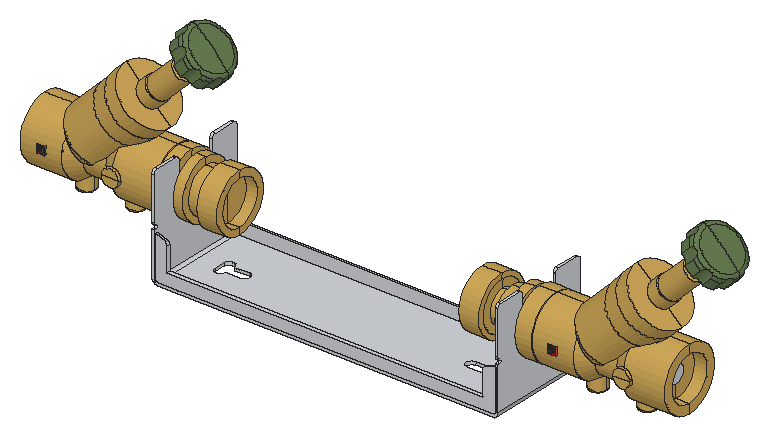
Revit family "Комплект для подключения счетчиков воды 4126", category Rohrzubehör, Revit 2020
Family settings
  Bemaßung runder Anschluss = Durchmesser verwenden
  Teiletyp = Unterbricht
  OmniClass-Nummer = 23.65.55.14
  OmniClass-Titel = Valves for Liquid Services
  Arbeitsebenenbasiert = Nein
  Immer vertikal = Ja
  Beim Laden mit Abzugskörper schneiden = Nein
  Gemeinsam genutzt = Nein
Parameters
  Шпиндель = "штампованная латунь CW 617N"  # constant formula
  Среда = "Питьевая вода"  # constant formula
  Примечание = "В соответствии со статьей 33 Регламента REACH (Registration; Evaluation; Authorisation; Restriction of Chemicals) (EC № 1907/2006) мы обязаны указать, что свинец внесен в список SVHC (Substances of Very High Concern - вещества очень высокой важности) и весовой процент свинца во всех латунных компонентах заводского изготовления в наших изделиях, превышает 0,1 % (w/w) (CAS: 7439-92-1 / EINECS: 231-100-4).\r\nПоскольку свинец является легирующим компонентом сплава, прямое негативное влияние исключается, и поэтому дополнительной информации о безопасном использовании не требуется."
  Область применения = "Для перекрытия трубопроводов системы питьевого водоснабжения и для установки водосчетчика."
  Номер заказа [instance] = size_lookup("4126W_", "Artnr", 0, Nennweite AG)  # 2412666
  Маховик = "пластик, цвет - зеленый"  # constant formula
  Макс. рабочее давление = 1600000.0 Pa  # constant formula
  Макс. рабочая температура = 80 °C  # constant formula
  Корпус = "литая латунь, устойчивая к селективной цинковой коррозии, CC770S"  # constant formula
  Давление открытия обратного клапана = "согласно DIN EN 13959"  # constant formula
  W01 = 20.00°  # constant formula
  Vorgabe-Ansicht = 0.000 mm
  URL = "www.herz-armaturen.ru"
  T03 [instance] = R02 - 3.000 mm  # 54.500 mm
  T02 = 17.000 mm  # constant formula
  T01 = 3.000 mm  # constant formula
  SW03 [instance] = size_lookup("4126W_", "SW3", 1.000 mm, Nennweite AG)  # 32.500 mm
  SW02 [instance] = size_lookup("4126W_", "SW2", 1.000 mm, Nennweite AG)  # 32.500 mm
  SW01 [instance] = size_lookup("4126W_", "SW1", 1.000 mm, Nennweite AG)  # 35.000 mm
  SC_NennweiteBerechnet = 0
  SC_Dimension = ""
  SCTWSEQ = "AW;SBT_TYP_AW=\"105\";2"
  SCTWCODE = "02;01;02"  # constant formula
  S05 [instance] = L02 + L12 - L03  # 214.500 mm
  S04 [instance] = L02 + L04 - L03  # 211.500 mm
  S03 = 10.000 mm  # constant formula
  S02 [instance] = Nennweite IG  # 50.000 mm
  S01 [instance] = L01 - L03  # 56.000 mm
  S = 3.000 mm  # constant formula
  R50 = 4.000 mm  # constant formula
  R02 [instance] = size_lookup("4126W_", "R2", 1.000 mm, Nennweite AG)  # 57.500 mm
  R01 [instance] = size_lookup("4126W_", "R1", 1.000 mm, Nennweite AG)  # 24.000 mm
  Nennweite IG [instance] = size_lookup("4126W_", "DN1", 1.000 mm, Nennweite AG)  # 50.000 mm
  Nennweite AG [instance] = 50.000 mm
  Макс. перепад давления на закрытом седле = 1000000.0 Pa  # constant formula
  L99 [instance] = size_lookup("4126W_", "L99", 1.000 mm, Nennweite AG)  # 300.000 mm
  L15 = 2.000 mm  # constant formula
  L14 [instance] = size_lookup("4126W_", "L14", 1.000 mm, Nennweite AG)  # 64.000 mm
  L13 [instance] = size_lookup("4126W_", "L13", 1.000 mm, Nennweite AG)  # 54.500 mm
  L12 [instance] = size_lookup("4126W_", "L12", 1.000 mm, Nennweite AG)  # 39.500 mm
  L11 [instance] = size_lookup("4126W_", "L11", 1.000 mm, Nennweite AG)  # 70.000 mm
  L10 [instance] = size_lookup("4126W_", "L10", 1.000 mm, Nennweite AG)  # 15.000 mm
  L09 [instance] = size_lookup("4126W_", "L9", 1.000 mm, Nennweite AG)  # 25.500 mm
  L08 [instance] = size_lookup("4126W_", "L8", 1.000 mm, Nennweite AG)  # 13.400 mm
  L07 [instance] = size_lookup("4126W_", "L7", 1.000 mm, Nennweite AG)  # 22.000 mm
  L06 [instance] = size_lookup("4126W_", "L6", 1.000 mm, Nennweite AG)  # 25.000 mm
  L05 [instance] = size_lookup("4126W_", "L5", 1.000 mm, Nennweite AG)  # 35.500 mm
  L04 [instance] = size_lookup("4126W_", "L4", 1.000 mm, Nennweite AG)  # 36.500 mm
  L03 [instance] = size_lookup("4126W_", "L3", 1.000 mm, Nennweite AG)  # 21.000 mm
  L02 [instance] = (L00 / 2) + 1.000 mm  # 196.000 mm
  L01 [instance] = size_lookup("4126W_", "L1", 1.000 mm, Nennweite AG)  # 77.000 mm
  L00 [instance] = size_lookup("4126W_", "L", 1.000 mm, Nennweite AG)  # 390.000 mm
  Конус = "штампованная латунь CW 617N"  # constant formula
  Hersteller = "HERZ Armaturen Ges.m.b.H."  # constant formula
  H01 [instance] = 75.000 mm  # constant formula
  H00 [instance] = 115.000 mm  # constant formula
  Незапланированные повышения температуры = "до  95 °C, продолжительностью не более 1 часа"  # constant formula
  G2 [instance] = Nennweite IG / 2  # 25.000 mm
  G1 [instance] = Nennweite AG / 2  # 25.000 mm
  DN50 [instance] = Nennweite AG = 50.000 mm  # yes
  DN40 [instance] = Nennweite AG = 40.000 mm  # no
  DN32 [instance] = Nennweite AG = 32.000 mm  # no
  DN25 [instance] = Nennweite AG = 25.000 mm  # no
  DN20 [instance] = Nennweite AG = 20.000 mm  # no
  D06 [instance] = size_lookup("4126W_", "D6", 1.000 mm, Nennweite AG)  # 21.500 mm
  D05 [instance] = size_lookup("4126W_", "D5", 1.000 mm, Nennweite AG)  # 27.000 mm
  D04 [instance] = size_lookup("4126W_", "D4", 1.000 mm, Nennweite AG)  # 18.200 mm
  D03 [instance] = size_lookup("4126W_", "D3", 1.000 mm, Nennweite AG)  # 25.000 mm
  D02 [instance] = size_lookup("4126W_", "D2", 1.000 mm, Nennweite AG)  # 25.000 mm
  D01 [instance] = size_lookup("4126W_", "D1", 1.000 mm, Nennweite AG)  # 22.500 mm
  Скоба = "оцинкованная листовая сталь"  # constant formula
  ABvor [instance] = size_lookup("4126W_", "ABvor", 1.000 mm, Nennweite AG)  # 346.500 mm
  ABnach [instance] = size_lookup("4126W_", "ABnach", 1.000 mm, Nennweite AG)  # 349.500 mm
Reference planes
  plane 1 "Mitte (Vorne/hinten)": y = 0
  plane 2: z = 0
  plane 3 "Mitte (Links/rechts)": x = 0
Forms (mm)
  Extrusion 1, solid, detail levels fine
    sketch origin (0, 0, 0) x (1, 0, 0) y (0, 0, 1)
      loop
        line (195, 40) -> (192, 40) -> (192, -69)
        arc (192, -69) -> (191.121, -71.121) -> (189, -72) r 3
        line (189, -72) -> (-189, -72)
        arc (-189, -72) -> (-191.121, -71.121) -> (-192, -69) r 3
        line (-192, -69) -> (-192, 40) -> (-195, 40) -> (-195, -69)
        arc (-195, -69) -> (-193.243, -73.243) -> (-189, -75) r 6
        line (-189, -75) -> (189, -75)
        arc (189, -75) -> (193.243, -73.243) -> (195, -69) r 6
        line (195, -69) -> (195, 40)
    from -57.5 to 57.5
  Extrusion 2, solid, detail levels fine
    sketch origin (0, 0, 0) x (1, 0, 0) y (0, 0, 1)
      loop
        line (-192, -23.301) -> (-192, -69)
        arc (-192, -69) -> (-191.121, -71.121) -> (-189, -72) r 3
        line (-189, -72) -> (189, -72)
        arc (189, -72) -> (191.121, -71.121) -> (192, -69) r 3
        line (192, -69) -> (192, -23.301) -> (180.632, -27.439)
        arc (180.632, -27.439) -> (178.723, -28.904) -> (178, -31.198) r 4
        line (178, -31.198) -> (178, -58) -> (-178, -58) -> (-178, -31.198)
        arc (-178, -31.198) -> (-178.723, -28.904) -> (-180.632, -27.439) r 4
        line (-180.632, -27.439) -> (-192, -23.301)
    from -57.5 to -54.5
  Extrusion 3, void
    sketch origin (0, 0, 0) x (0, 1, 0) y (0, 0, 1)
      loop
        arc (-24, 0) -> (0, -24) -> (24, 0) r 24
        line (24, 0) -> (24, 36)
        arc (24, 36) -> (25.172, 38.828) -> (28, 40) r 4
        line (28, 40) -> (53.5, 40)
        arc (53.5, 40) -> (56.328, 38.828) -> (57.5, 36) r 4
        line (57.5, 36) -> (57.5, -13)
        arc (57.5, -13) -> (56.621, -15.121) -> (54.5, -16) r 3
        arc (54.5, -16) -> (52.5, -18) -> (54.5, -20) r 2
        line (54.5, -20) -> (65.5, -20) -> (65.5, 45) -> (-65.5, 45) -> (-65.5, -20) -> (-54.5, -20)
        arc (-54.5, -20) -> (-52.5, -18) -> (-54.5, -16) r 2
        arc (-54.5, -16) -> (-56.621, -15.121) -> (-57.5, -13) r 3
        line (-57.5, -13) -> (-57.5, 36)
        arc (-57.5, 36) -> (-56.328, 38.828) -> (-53.5, 40) r 4
        line (-53.5, 40) -> (-28, 40)
        arc (-28, 40) -> (-25.172, 38.828) -> (-24, 36) r 4
        line (-24, 36) -> (-24, 0)
    from 300 to -300
  Extrusion 4, void
    sketch origin (0, 0, 0) x (1, 0, 0) y (0, 1, 0)
      loop
        arc (119.097, 6.1) -> (112.997, 0) -> (119.097, -6.1) r 6.1
        line (119.097, -6.1) -> (158.897, -6.1)
        arc (158.897, -6.1) -> (164.997, 0) -> (158.897, 6.1) r 6.1
        line (158.897, 6.1) -> (119.097, 6.1)
      loop
        line (-165, 6.1) -> (-165, -6.1)
        arc (-165, -6.1) -> (-158.9, -12.2) -> (-152.8, -6.1) r 6.1
        line (-152.8, -6.1) -> (-136.1, -6.1)
        arc (-136.1, -6.1) -> (-130, 0) -> (-136.1, 6.1) r 6.1
        line (-136.1, 6.1) -> (-152.8, 6.1)
        arc (-152.8, 6.1) -> (-158.9, 12.2) -> (-165, 6.1) r 6.1
    from -75 to -72
  Revolve 5, solid, material "Messing, weicher Gelbton, geschweißt", detail levels fine
    sketch origin (0, 0, 0) x (1, 0, 0) y (0, 0, 1)
      loop
        line (-232.5, 0) -> (-155.5, 0) -> (-155.5, 25) -> (-180.5, 25) -> (-180.5, 32.5) -> (-191, 32.5) -> (-191, 22.5) -> (-196, 22.5) -> (-196, 35) -> (-211.5, 35) -> (-211.5, 25) -> (-232.5, 25) -> (-232.5, 0)
      axis (-232.5, 0) -> (-155.5, 0)
    angle from 0 to 360
  Revolve 6, solid, material "Messing, weicher Gelbton, geschweißt", detail levels fine
    sketch origin (0, 0, 0) x (1, 0, 0) y (0, 0, 1)
      loop
        line (-164.1, 0) -> (-155.5, 0) -> (-155.5, 25) -> (-142.1, 25) -> (-142.1, 32.5) -> (-164.1, 32.5) -> (-164.1, 0)
      axis (-164.1, 0) -> (-142.1, 0)
    angle from 0 to 360
  Revolve 7, solid, material "Messing, weicher Gelbton, geschweißt", detail levels fine
    sketch origin (0, 0, 0) x (-1, 0, 0) y (0, 0, 1)
      loop
        line (-235.5, 0) -> (-198, 0) -> (-198, 18.2) -> (-165.5, 18.2) -> (-165.5, 25) -> (-180.5, 25) -> (-180.5, 32.5) -> (-191, 32.5) -> (-191, 22.5) -> (-196, 22.5) -> (-196, 35) -> (-214.5, 35) -> (-214.5, 25) -> (-235.5, 25) -> (-235.5, 0)
      axis (-235.5, 0) -> (-165.5, 0)
    angle from 0 to 360
  Revolve 8, solid, material "Messing, weicher Gelbton, geschweißt", detail levels fine
    sketch origin (0, 0, 0) x (1, 0, 0) y (0, 0, 1)
      loop
        line (208.5, 0) -> (208.5, 18.2) -> (154, 18.2) -> (154, 27) -> (146.5, 27) -> (146.5, 21.5) -> (144.5, 21.5) -> (144.5, 0) -> (208.5, 0)
      axis (144.5, 0) -> (208.5, 0)
    angle from 0 to 360
  Revolve 9, solid, material "Messing, weicher Gelbton, geschweißt", detail levels fine
    sketch origin (-18.22, 0, 0) x (-1, 0, 0) y (0, 0, 1)
      loop
        line (-171.32, 0) -> (-162.72, 0) -> (-162.72, 25) -> (-149.32, 25) -> (-149.32, 32.5) -> (-171.32, 32.5) -> (-171.32, 0)
      axis (-171.32, 0) -> (-149.32, 0)
    angle from 0 to 360
  Extrusion 10, solid, detail levels fine
    sketch origin (0, 0, 0) x (1, 0, 0) y (0, 0, 1)
      loop
        line (-192, -23.301) -> (-192, -69)
        arc (-192, -69) -> (-191.121, -71.121) -> (-189, -72) r 3
        line (-189, -72) -> (189, -72)
        arc (189, -72) -> (191.121, -71.121) -> (192, -69) r 3
        line (192, -69) -> (192, -23.301) -> (180.632, -27.439)
        arc (180.632, -27.439) -> (178.723, -28.904) -> (178, -31.198) r 4
        line (178, -31.198) -> (178, -58) -> (-178, -58) -> (-178, -31.198)
        arc (-178, -31.198) -> (-178.723, -28.904) -> (-180.632, -27.439) r 4
        line (-180.632, -27.439) -> (-192, -23.301)
    from 54.5 to 57.5
  Extrusion 11, solid, detail levels fine
    sketch origin (55, 0, 0) x (0, 1, 0) y (0, 0, -1)
      loop
        circle (0, 0) r 10
    from 398.5 to 401.5
  Extrusion 12, solid, detail levels fine
    sketch origin (125, 0, 0) x (0, 1, 0) y (0, 0, -1)
      loop
        circle (0, 0) r 10
    from -224.5 to -221.5
Cuts and joins
  Extrusion 3, Extrusion 4 cuts Extrusion 1
Lines and regions (mm)
  model lines, detail levels coarse+medium
    curve 1: line (-211.5, 0, 0) -> (-155.5, 0, 0)
    curve 2: line (-155.5, 0, 25) -> (-155.5, 0, -25)
    curve 3: line (-155.5, 0, 25) -> (-165.5, 0, 25)
    curve 4: line (-165.5, 0, 25) -> (-155.5, 0, 0)
    curve 5: line (-155.5, 0, -25) -> (-165.5, 0, -25)
    curve 6: line (-165.5, 0, -25) -> (-155.5, 0, 0)
    curve 7: line (144.5, 0, 25) -> (144.5, 0, -25)
    curve 8: line (144.5, 0, 25) -> (154.5, 0, 25)
    curve 9: line (154.5, 0, 25) -> (144.5, 0, 0)
    curve 10: line (144.5, 0, -25) -> (154.5, 0, -25)
    curve 11: line (154.5, 0, -25) -> (144.5, 0, 0)
    curve 12: line (214.5, 0, 0) -> (144.5, 0, 0)
    curve 13: line (144.5, -25, 0) -> (144.5, 25, 0)
    curve 14: line (144.5, 25, 0) -> (154.5, 25, 0)
    curve 15: line (154.5, 25, 0) -> (144.5, 0, 0)
    curve 16: line (144.5, -25, 0) -> (154.5, -25, 0)
    curve 17: line (154.5, -25, 0) -> (144.5, 0, 0)
    curve 18: line (-155.5, -25, 0) -> (-155.5, 25, 0)
    curve 19: line (-155.5, 25, 0) -> (-165.5, 25, 0)
    curve 20: line (-165.5, 25, 0) -> (-155.5, 0, 0)
    curve 21: line (-155.5, -25, 0) -> (-165.5, -25, 0)
    curve 22: line (-165.5, -25, 0) -> (-155.5, 0, 0)
Dimensions and locks
  "H00": Extrusion 1 sketch curve to Extrusion 1 sketch curve  (x2)
  "T01": Extrusion 1 sketch curve to Extrusion 1 sketch curve  (x3)
  "L00": Extrusion 1 sketch curve to Extrusion 1 sketch curve
  equal spacing: Extrusion 1 sketch curve, plane 3 "Mitte (Links/rechts)", Extrusion 1 sketch curve
  "H01": plane 2 to Extrusion 1 sketch curve
  "T02": Extrusion 2 sketch curve to Extrusion 1
  "T02": Extrusion 1 to Extrusion 2 sketch curve  (x2)
  Extrusion 4 sketch curve to cut or joined group of Extrusion 1, Extrusion 3, Extrusion 4 = 36.103 mm
  Extrusion 4 sketch curve to Extrusion 4 sketch curve = 39.800 mm
  equal spacing: Extrusion 4 sketch curve, plane 1 "Mitte (Vorne/hinten)", Extrusion 4 sketch curve
  Extrusion 4 sketch curve to Extrusion 4 sketch curve = 12.200 mm
  cut or joined group of Extrusion 1, Extrusion 3, Extrusion 4 to Extrusion 4 sketch curve = 36.100 mm
  cut or joined group of Extrusion 1, Extrusion 3, Extrusion 4 to Extrusion 4 sketch curve = 58.900 mm
  "G1": Revolve 5 sketch curve to Revolve 5 sketch curve
  "L03": Revolve 5 sketch curve to Revolve 5 sketch curve
  "L01": Revolve 5 sketch curve to Revolve 5 sketch curve
  "L02": plane 3 "Mitte (Links/rechts)" to Revolve 5 sketch curve
  "SW01": Revolve 5 sketch curve to Revolve 5 sketch curve
  "SW02": Revolve 5 sketch curve to Revolve 5 sketch curve
  "D01": Revolve 5 sketch curve to Revolve 5 sketch curve
  "L04": Revolve 5 sketch curve to Revolve 5 sketch curve
  "L05": Revolve 5 sketch curve to Revolve 5 sketch curve
  "L06": Revolve 5 sketch curve to Revolve 5 sketch curve
  "D02": Revolve 5 sketch curve to Revolve 5 sketch curve
  "L07": Revolve 6 sketch curve to Revolve 6 sketch curve
  "SW03": Revolve 6 sketch curve to plane 2
  "G2": Revolve 6 sketch curve to plane 2
  "L08": Revolve 6 sketch curve to Revolve 5
  "L08": Revolve 6 sketch curve to Revolve 6 sketch curve
  "G1": Revolve 7 sketch curve to Revolve 7 sketch curve
  "L03": Revolve 7 sketch curve to Revolve 7 sketch curve
  "L11": Revolve 7 sketch curve to Revolve 7 sketch curve
  "SW01": Revolve 7 sketch curve to Revolve 7 sketch curve
  "SW02": Revolve 7 sketch curve to Revolve 7 sketch curve
  "D01": Revolve 7 sketch curve to Revolve 7 sketch curve
  "L12": Revolve 7 sketch curve to Revolve 7 sketch curve
  "L09": Revolve 7 sketch curve to Revolve 7 sketch curve
  "L10": Revolve 7 sketch curve to Revolve 7 sketch curve
  "D03": Revolve 7 sketch curve to Revolve 7 sketch curve
  "L02": plane 3 "Mitte (Links/rechts)" to Revolve 7 sketch curve
  "D04": Revolve 7 sketch curve to plane 2
  "D04": Revolve 8 sketch curve to Revolve 8 sketch curve
  "L13": Revolve 8 sketch curve to Revolve 8 sketch curve
  "L14": Revolve 8 sketch curve to Revolve 8 sketch curve
  "L15": Revolve 8 sketch curve to Revolve 8 sketch curve
  "D05": Revolve 8 sketch curve to Revolve 8 sketch curve
  "D06": Revolve 8 sketch curve to Revolve 8 sketch curve
  "L99": Revolve 5 to Revolve 8
  "L07": Revolve 9 sketch curve to Revolve 9 sketch curve
  "L08": Revolve 9 sketch curve to Revolve 9 sketch curve
  "L08": Revolve 8 to Revolve 9 sketch curve
  "T03": plane 1 "Mitte (Vorne/hinten)" to Extrusion 2
  "R02": cut or joined group of Extrusion 1, Extrusion 3, Extrusion 4 to plane 1 "Mitte (Vorne/hinten)" to cut or joined group of Extrusion 1, Extrusion 3, Extrusion 4
  "R02": plane 1 "Mitte (Vorne/hinten)" to Extrusion 2
  "R02": Extrusion 3 sketch curve to plane 1 "Mitte (Vorne/hinten)" to Extrusion 3 sketch curve
  "R01": Extrusion 3 sketch curve to plane 1 "Mitte (Vorne/hinten)" to Extrusion 3 sketch curve
  "T02": cut or joined group of Extrusion 1, Extrusion 3, Extrusion 4 to Extrusion 10 sketch curve  (x2)
  "T02": Extrusion 10 sketch curve to cut or joined group of Extrusion 1, Extrusion 3, Extrusion 4
  "T03": Extrusion 10 to plane 1 "Mitte (Vorne/hinten)"
  "R02": Extrusion 10 to plane 1 "Mitte (Vorne/hinten)"
  "G2": Revolve 9 sketch curve to plane 2
  "SW03": Revolve 9 sketch curve to level
  "S01": curve 1 to curve 1
  equal spacing: curve 2, plane 2, curve 2
  "S02": curve 2 to curve 2
  "S03": curve 4 to curve 2
  "S04": plane 3 "Mitte (Links/rechts)" to curve 1
  "S03": curve 6 to curve 2
  equal spacing: curve 7, plane 2, curve 7
  "S02": curve 7 to curve 7
  "S03": curve 9 to curve 7
  "S03": curve 11 to curve 7
  "S05": curve 12 to plane 3 "Mitte (Links/rechts)"
  "L99": curve 12 to curve 6
  equal spacing: curve 13, plane 1 "Mitte (Vorne/hinten)", curve 13
  "S02": curve 13 to curve 13
  "S03": curve 13 to curve 15
  "S03": curve 13 to curve 17
  equal spacing: curve 18, plane 1 "Mitte (Vorne/hinten)", curve 18
  "S02": curve 18 to curve 18
  "S03": curve 18 to curve 20
  "S03": curve 18 to curve 22
  "L99": curve 18 to Revolve 9
  "L99": Revolve 6 to curve 13
  "ABnach": Extrusion 12 to plane 3 "Mitte (Links/rechts)"
  "ABvor": plane 3 "Mitte (Links/rechts)" to Extrusion 11
  "S": Extrusion 11 to Extrusion 11
  "S": Extrusion 12 to Extrusion 12
  radius of Extrusion 4 sketch curve = 6.100 mm  (x3)
  "R50": radius of Extrusion 3 sketch curve  (x4)
  "W01": angle Extrusion 2 sketch curve to plane 2
  "W01": angle plane 2 to Extrusion 2 sketch curve
  "W01": angle Extrusion 10 sketch curve to plane 2
  "W01": angle plane 2 to Extrusion 10 sketch curve
  aligned and locked: level to plane 2
Automatic sketch dimensions
  plane 1 "Mitte (Vorne/hinten)" to Extrusion 4 sketch curve = 0.000 mm
  Extrusion 4 sketch curve to Extrusion 4 sketch curve = 0.000 mm  (x2)
  Extrusion 4 sketch curve to Extrusion 4 sketch curve = 6.100 mm
  Revolve 5 sketch curve to level = 0.000 mm  (x2)
  Revolve 5 sketch curve to Revolve 5 sketch curve = 1448.205 mm
  plane 3 "Mitte (Links/rechts)" to Revolve 5 sketch curve = 1739.472 mm
  Revolve 6 sketch curve to level = 0.000 mm  (x2)
  Revolve 6 sketch curve to Revolve 6 sketch curve = 1428.686 mm
  plane 3 "Mitte (Links/rechts)" to Revolve 6 sketch curve = 1839.148 mm
  Revolve 7 sketch curve to level = 0.000 mm  (x2)
  Revolve 7 sketch curve to Revolve 7 sketch curve = 2.000 mm
  Revolve 7 sketch curve to Revolve 7 sketch curve = 1448.205 mm
  plane 3 "Mitte (Links/rechts)" to Revolve 7 sketch curve = 1739.472 mm
  Revolve 9 sketch curve to level = 0.000 mm  (x2)
  Revolve 9 sketch curve to Revolve 9 sketch curve = 1428.686 mm
  plane 3 "Mitte (Links/rechts)" to Revolve 9 sketch curve = 1857.367 mm
  Extrusion 11 sketch curve to level = 0.000 mm
  Extrusion 11 sketch curve to plane 1 "Mitte (Vorne/hinten)" = 0.000 mm
  Extrusion 12 sketch curve to level = 0.000 mm
  Extrusion 12 sketch curve to plane 1 "Mitte (Vorne/hinten)" = 0.000 mm
  curve 12 to level = 0.000 mm
  curve 1 to level = 0.000 mm
  plane 1 "Mitte (Vorne/hinten)" to curve 15 = 0.000 mm
  plane 1 "Mitte (Vorne/hinten)" to curve 17 = 0.000 mm
  plane 1 "Mitte (Vorne/hinten)" to curve 20 = 0.000 mm
  plane 1 "Mitte (Vorne/hinten)" to curve 22 = 0.000 mm
  Extrusion 1 sketch curve to Extrusion 1 sketch curve = 0.000 mm  (x2)
  Extrusion 1 sketch curve to Extrusion 1 sketch curve = 3.000 mm  (x2)
  Extrusion 2 sketch curve to level = 27.439 mm  (x2)
  Extrusion 2 sketch curve to Extrusion 2 sketch curve = 2.632 mm  (x2)
  Extrusion 2 sketch curve to Extrusion 2 sketch curve = 4.000 mm  (x2)
  Extrusion 2 sketch curve to Extrusion 2 sketch curve = 11.000 mm  (x3)
  Extrusion 2 sketch curve to Extrusion 2 sketch curve = 11.368 mm
  Extrusion 2 sketch curve to level = 23.301 mm
  Extrusion 3 sketch curve to level = 0.000 mm
  Extrusion 3 sketch curve to Extrusion 3 sketch curve = 8.000 mm  (x2)
  Extrusion 3 sketch curve to Extrusion 3 sketch curve = 3.000 mm  (x2)
  Extrusion 3 sketch curve to level = 13.000 mm  (x2)
  Extrusion 3 sketch curve to Extrusion 3 sketch curve = 2.000 mm  (x3)
  Extrusion 3 sketch curve to Extrusion 3 sketch curve = 7.000 mm
  level to Extrusion 3 sketch curve = 36.000 mm  (x2)
  Extrusion 3 sketch curve to Extrusion 3 sketch curve = 9.000 mm
  Revolve 8 sketch curve to level = 0.000 mm  (x2)
  plane 3 "Mitte (Links/rechts)" to Revolve 8 sketch curve = 144.500 mm
  Revolve 8 sketch curve to plane 3 "Mitte (Links/rechts)" = 1506.530 mm
  Revolve 8 sketch curve to Revolve 8 sketch curve = 1759.148 mm
  Extrusion 10 sketch curve to level = 27.439 mm  (x2)
  Extrusion 10 sketch curve to Extrusion 10 sketch curve = 2.632 mm  (x2)
  Extrusion 10 sketch curve to Extrusion 10 sketch curve = 1.368 mm
  Extrusion 10 sketch curve to Extrusion 10 sketch curve = 11.000 mm  (x3)
  Extrusion 10 sketch curve to level = 23.301 mm
  Extrusion 10 sketch curve to Extrusion 10 sketch curve = 4.000 mm
  Extrusion 10 sketch curve to Extrusion 10 sketch curve = 11.368 mm
  radius of Extrusion 11 sketch curve = 10.000 mm
  radius of Extrusion 12 sketch curve = 10.000 mm
Nested families
  nested 1: "Rückflussverhinderer 4126" at (-182.5, 0, 0), visible <- "DN20", type "Rückflussverhinderer 4126"
    with S02 95.900 mm, S01 32.000 mm, R12 15.000 mm, R11 5.400 mm, R10 8.500 mm, R09 11.750 mm, R08 13.000 mm, R07 16.500 mm, R06 14.600 mm, R05 10.000 mm, R04 9.500 mm, R02 10.000 mm, R01 16.000 mm, Nennweite 20.000 mm, L16 12.000 mm, L15 12.400 mm, L14 8.000 mm, L12 33.500 mm, L11 12.500 mm, L10 11.000 mm, L09 15.500 mm, L08 30.100 mm, L07 13.500 mm, L06 34.500 mm, L05 26.500 mm, L04 25.500 mm, L02 8.000 mm, L01 24.000 mm, L00 75.000 mm, H01 26.400 mm, DN50 no, DN40 no, DN32 no, DN25-DN50 no, DN25 no, DN20 yes, DN15 no, Bestellnummer 2412602
  nested 2: "Rückflussverhinderer 4126" at (183.5, 0, 0), visible <- "DN20", type "Rückflussverhinderer 4126"
    with S02 95.900 mm, S01 32.000 mm, R12 15.000 mm, R11 5.400 mm, R10 8.500 mm, R09 11.750 mm, R08 13.000 mm, R07 16.500 mm, R06 14.600 mm, R05 10.000 mm, R04 9.500 mm, R02 10.000 mm, R01 16.000 mm, Nennweite 20.000 mm, L16 12.000 mm, L15 12.400 mm, L14 8.000 mm, L12 33.500 mm, L11 12.500 mm, L10 11.000 mm, L09 15.500 mm, L08 30.100 mm, L07 13.500 mm, L06 34.500 mm, L05 26.500 mm, L04 25.500 mm, L02 8.000 mm, L01 24.000 mm, L00 75.000 mm, H01 26.400 mm, DN50 no, DN40 no, DN32 no, DN25-DN50 no, DN25 no, DN20 yes, DN15 no, Bestellnummer 2412602
  nested 3: "Rückflussverhinderer 4126" at (-190, 0, 0), visible <- "DN25", type "Rückflussverhinderer 4126"
    with S02 113.800 mm, S01 41.000 mm, R12 19.500 mm, R11 6.000 mm, R10 9.000 mm, R09 12.750 mm, R08 14.000 mm, R07 20.000 mm, R06 17.750 mm, R05 12.500 mm, R04 9.500 mm, R02 12.500 mm, R01 20.500 mm, Nennweite 25.000 mm, L16 13.500 mm, L15 12.400 mm, L14 12.000 mm, L12 43.400 mm, L11 22.400 mm, L10 11.000 mm, L09 19.500 mm, L08 34.000 mm, L07 18.000 mm, L06 38.500 mm, L05 25.500 mm, L04 25.500 mm, L02 11.000 mm, L01 27.000 mm, L00 90.000 mm, H01 32.000 mm, DN50 no, DN40 no, DN32 no, DN25-DN50 yes, DN25 yes, DN20 no, DN15 no, Bestellnummer 2412603
  nested 4: "Rückflussverhinderer 4126" at (191, 0, 0), visible <- "DN25", type "Rückflussverhinderer 4126"
    with S02 113.800 mm, S01 41.000 mm, R12 19.500 mm, R11 6.000 mm, R10 9.000 mm, R09 12.750 mm, R08 14.000 mm, R07 20.000 mm, R06 17.750 mm, R05 12.500 mm, R04 9.500 mm, R02 12.500 mm, R01 20.500 mm, Nennweite 25.000 mm, L16 13.500 mm, L15 12.400 mm, L14 12.000 mm, L12 43.400 mm, L11 22.400 mm, L10 11.000 mm, L09 19.500 mm, L08 34.000 mm, L07 18.000 mm, L06 38.500 mm, L05 25.500 mm, L04 25.500 mm, L02 11.000 mm, L01 27.000 mm, L00 90.000 mm, H01 32.000 mm, DN50 no, DN40 no, DN32 no, DN25-DN50 yes, DN25 yes, DN20 no, DN15 no, Bestellnummer 2412603
  nested 5: "Rückflussverhinderer 4126" at (-200, 0, 0), visible <- "DN32", type "Rückflussverhinderer 4126"
    with S02 129.700 mm, S01 50.000 mm, R12 24.000 mm, R11 6.000 mm, R10 9.000 mm, R09 12.750 mm, R08 14.000 mm, R07 25.000 mm, R06 24.000 mm, R05 16.000 mm, R04 9.500 mm, R02 16.000 mm, R01 25.000 mm, Nennweite 32.000 mm, L16 16.500 mm, L15 12.400 mm, L14 12.000 mm, L12 47.300 mm, L11 26.300 mm, L10 11.000 mm, L09 10.000 mm, L08 52.700 mm, L07 20.000 mm, L06 60.000 mm, L05 28.600 mm, L04 27.500 mm, L02 7.500 mm, L01 33.000 mm, L00 110.000 mm, H01 39.000 mm, DN50 no, DN40 no, DN32 yes, DN25-DN50 yes, DN25 no, DN20 no, DN15 no, Bestellnummer 2412604
  nested 6: "Rückflussverhinderer 4126" at (201, 0, 0), visible <- "DN32", type "Rückflussverhinderer 4126"
    with S02 129.700 mm, S01 50.000 mm, R12 24.000 mm, R11 6.000 mm, R10 9.000 mm, R09 12.750 mm, R08 14.000 mm, R07 25.000 mm, R06 24.000 mm, R05 16.000 mm, R04 9.500 mm, R02 16.000 mm, R01 25.000 mm, Nennweite 32.000 mm, L16 16.500 mm, L15 12.400 mm, L14 12.000 mm, L12 47.300 mm, L11 26.300 mm, L10 11.000 mm, L09 10.000 mm, L08 52.700 mm, L07 20.000 mm, L06 60.000 mm, L05 28.600 mm, L04 27.500 mm, L02 7.500 mm, L01 33.000 mm, L00 110.000 mm, H01 39.000 mm, DN50 no, DN40 no, DN32 yes, DN25-DN50 yes, DN25 no, DN20 no, DN15 no, Bestellnummer 2412604
  nested 7: "Rückflussverhinderer 4126" at (-274.5, 0, 0), visible <- "DN40", type "Rückflussverhinderer 4126"
    with S02 143.400 mm, S01 55.000 mm, R12 26.500 mm, R11 6.000 mm, R10 9.000 mm, R09 12.750 mm, R08 14.000 mm, R07 28.500 mm, R06 27.000 mm, R05 20.000 mm, R04 9.500 mm, R02 20.000 mm, R01 27.500 mm, Nennweite 40.000 mm, L16 19.000 mm, L15 12.400 mm, L14 14.000 mm, L12 50.000 mm, L11 28.000 mm, L10 12.000 mm, L09 15.000 mm, L08 51.500 mm, L07 21.000 mm, L06 66.000 mm, L05 32.000 mm, L04 31.000 mm, L02 9.000 mm, L01 38.000 mm, L00 120.000 mm, H01 40.000 mm, DN50 no, DN40 yes, DN32 no, DN25-DN50 yes, DN25 no, DN20 no, DN15 no, Bestellnummer 2412605
  nested 8: "Rückflussverhinderer 4126" at (274.5, 0, 0), visible <- "DN40", type "Rückflussverhinderer 4126"
    with S02 143.400 mm, S01 55.000 mm, R12 26.500 mm, R11 6.000 mm, R10 9.000 mm, R09 12.750 mm, R08 14.000 mm, R07 28.500 mm, R06 27.000 mm, R05 20.000 mm, R04 9.500 mm, R02 20.000 mm, R01 27.500 mm, Nennweite 40.000 mm, L16 19.000 mm, L15 12.400 mm, L14 14.000 mm, L12 50.000 mm, L11 28.000 mm, L10 12.000 mm, L09 15.000 mm, L08 51.500 mm, L07 21.000 mm, L06 66.000 mm, L05 32.000 mm, L04 31.000 mm, L02 9.000 mm, L01 38.000 mm, L00 120.000 mm, H01 40.000 mm, DN50 no, DN40 yes, DN32 no, DN25-DN50 yes, DN25 no, DN20 no, DN15 no, Bestellnummer 2412605
  nested 9: "Rückflussverhinderer 4126" at (-286.5, 0, 0), visible <- "DN50", type "Rückflussverhinderer 4126"
    with S02 182.900 mm, S01 70.000 mm, R12 34.000 mm, R11 6.000 mm, R10 9.000 mm, R09 13.000 mm, R08 14.000 mm, R07 35.000 mm, R06 33.500 mm, R05 25.000 mm, R04 9.500 mm, R02 25.000 mm, R01 35.000 mm, Nennweite 50.000 mm, L16 23.500 mm, L15 12.400 mm, L14 19.000 mm, L12 66.500 mm, L11 41.000 mm, L10 15.500 mm, L09 17.500 mm, L08 66.000 mm, L07 31.500 mm, L06 86.500 mm, L05 36.500 mm, L04 37.500 mm, L02 13.000 mm, L01 47.000 mm, L00 150.000 mm, H01 45.000 mm, DN50 yes, DN40 no, DN32 no, DN25-DN50 yes, DN25 no, DN20 no, DN15 no, Bestellnummer 2412606
  nested 10: "Rückflussverhinderer 4126" at (289.5, 0, 0), visible <- "DN50", type "Rückflussverhinderer 4126"
    with S02 182.900 mm, S01 70.000 mm, R12 34.000 mm, R11 6.000 mm, R10 9.000 mm, R09 13.000 mm, R08 14.000 mm, R07 35.000 mm, R06 33.500 mm, R05 25.000 mm, R04 9.500 mm, R02 25.000 mm, R01 35.000 mm, Nennweite 50.000 mm, L16 23.500 mm, L15 12.400 mm, L14 19.000 mm, L12 66.500 mm, L11 41.000 mm, L10 15.500 mm, L09 17.500 mm, L08 66.000 mm, L07 31.500 mm, L06 86.500 mm, L05 36.500 mm, L04 37.500 mm, L02 13.000 mm, L01 47.000 mm, L00 150.000 mm, H01 45.000 mm, DN50 yes, DN40 no, DN32 no, DN25-DN50 yes, DN25 no, DN20 no, DN15 no, Bestellnummer 2412606
Connectors
  piping at (-346.5, 0, 0), diameter 50, driven by "Nennweite AG"
    settings: on Extrusion 11, index 1, connector inside diameter 609.6 mm, connector length 0.000 mm, flow factor 0, pipe flow 0.0 L/s, pressure drop 0.0 Pa, fitting loss kfactor 0, connector angle 0.00°, fixture units 0, engagement length 0.000 mm, angle of deflection 0.00°, flow configuration 0, flow direction 1, fitting loss method 0, system type 20, joint type 0, gender type 0, connector reference index -1, connector utility 0, adjustable connector no, is connector primary yes, connector description ""
  piping at (349.5, 0, 0), diameter 50, driven by "Nennweite AG"
    settings: on Extrusion 12, index 2, connector inside diameter 609.6 mm, connector length 0.000 mm, flow factor 0, pipe flow 0.0 L/s, pressure drop 0.0 Pa, fitting loss kfactor 0, connector angle 0.00°, fixture units 0, engagement length 0.000 mm, angle of deflection 0.00°, flow configuration 0, flow direction 2, fitting loss method 0, system type 20, joint type 0, gender type 0, connector reference index -1, connector utility 0, adjustable connector no, is connector primary no, connector description ""
Definition of nested family "Rückflussverhinderer 4126"
  Parameters (values of type "Rückflussverhinderer 4126")
    W01 = 45.00°  # constant formula
    Default Elevation = 0.000 mm
    URL = "www.herz-armaturen.at"
    Spindel = "geschmiedetes Messing CW617N"  # constant formula
    SW01 = 60.00°  # constant formula
    SC_NennweiteBerechnet = 0
    SC_Dimension = ""
    SCTWSEQ = "FW;SBT_TYP_FW=\"109\";2"
    SCTWCODE = "04;00;02"  # constant formula
    S03 = 60.000 mm  # constant formula
    S02 [instance] = L06 + L09 + L12 + L15  # 95.900 mm
    S01 [instance] = R01 * 2  # 32.000 mm
    R12 [instance] = R01 - 1.000 mm  # 15.000 mm
    R11 [instance] = size_lookup("4126_", "R11", 46.500 mm, Nennweite)  # 5.400 mm
    R100 = 1.000 mm  # constant formula
    R10 [instance] = size_lookup("4126_", "R10", 46.500 mm, Nennweite)  # 8.500 mm
    R09 [instance] = size_lookup("4126_", "R9", 46.500 mm, Nennweite)  # 11.750 mm
    R08 [instance] = size_lookup("4126_", "R8", 46.500 mm, Nennweite)  # 13.000 mm
    R07 [instance] = size_lookup("4126_", "R7", 46.500 mm, Nennweite)  # 16.500 mm
    R06 [instance] = size_lookup("4126_", "R6", 43.000 mm, Nennweite)  # 14.600 mm
    R05 [instance] = Nennweite / 2  # 10.000 mm
    R04 [instance] = size_lookup("4126_", "R4", 11.500 mm, Nennweite)  # 9.500 mm
    R03 = 9.500 mm  # constant formula
    R02 [instance] = Nennweite / 2  # 10.000 mm
    R01 [instance] = size_lookup("4126_", "R1", 11.500 mm, Nennweite)  # 16.000 mm
    Nennweite [instance] = 20.000 mm
    Max.Betriebstemperatur = 80 °C  # constant formula
    Max.Betriebsdruck = 1600000.0 Pa  # constant formula
    L16 [instance] = L01 / 2  # 12.000 mm
    L15 [instance] = size_lookup("4126_", "L15", 12.400 mm, Nennweite)  # 12.400 mm
    L14 [instance] = size_lookup("4126_", "L14", 81.000 mm, Nennweite)  # 8.000 mm
    L12 [instance] = size_lookup("4126_", "L12", 81.000 mm, Nennweite)  # 33.500 mm
    L11 [instance] = size_lookup("4126_", "L11", 60.000 mm, Nennweite)  # 12.500 mm
    L10 [instance] = size_lookup("4126_", "L10", 20.000 mm, Nennweite)  # 11.000 mm
    L09 [instance] = size_lookup("4126_", "L9", 11.000 mm, Nennweite)  # 15.500 mm
    L08 [instance] = size_lookup("4126_", "L8", 35.000 mm, Nennweite)  # 30.100 mm
    L07 [instance] = size_lookup("4126_", "L7", 35.000 mm, Nennweite)  # 13.500 mm
    L06 [instance] = size_lookup("4126_", "L6", 118.000 mm, Nennweite) - L09  # 34.500 mm
    L05 [instance] = size_lookup("4126_", "L5", 44.000 mm, Nennweite)  # 26.500 mm
    L04 [instance] = size_lookup("4126_", "L4", 45.000 mm, Nennweite)  # 25.500 mm
    L03 = 15.000 mm  # constant formula
    L02 [instance] = size_lookup("4126_", "L2", 22.000 mm, Nennweite)  # 8.000 mm
    L01 [instance] = size_lookup("4126_", "L1", 48.000 mm, Nennweite)  # 24.000 mm
    L00 [instance] = size_lookup("4126_", "L", 180.000 mm, Nennweite)  # 75.000 mm
    Kegel = "geschmiedetes Messing CW617N"  # constant formula
    Manufacturer = "Herz-Armaturen GmbH"  # constant formula
    Handrad = "Kunststoff, grün"  # constant formula
    H01 [instance] = size_lookup("4126_", "H1", 53.000 mm, Nennweite)  # 26.400 mm
    Gehäuse = "entzinkungsbeständiges Gussmessing CC770S"  # constant formula
    DN50 [instance] = Nennweite = 50.000 mm  # no
    DN40 [instance] = Nennweite = 40.000 mm  # no
    DN32 [instance] = Nennweite = 32.000 mm  # no
    DN25-DN50 [instance] = or(Nennweite = 25.000 mm, Nennweite = 32.000 mm, Nennweite = 40.000 mm, Nennweite = 50.000 mm)  # no
    DN25 [instance] = Nennweite = 25.000 mm  # no
    DN20 [instance] = Nennweite = 20.000 mm  # yes
    DN15 [instance] = Nennweite = 15.000 mm  # no
    Bestellnummer [instance] = size_lookup("4126_", "Artnr", 0, Nennweite)  # 2412602
    Anwendungsgebiet = "Zum Absperren von Trinkwasserleitungen und -anlagen in Gebäuden\r\nMax. Betreibstemp.: 80°C (gelegentlicher Temperaturansteig bis 95°C sind zulässig, wenn sie nicht länger als 1h andauern)\r\nMax. Betiebsdruck: 10bar"
  Reference planes
    plane 1 "Mitte (Vorne/hinten)": y = 0
    plane 2: z = 0
    plane 3 "Mitte (Links/rechts)": x = 0
  Forms (mm)
    Revolve 1, solid, detail levels fine
      sketch origin (470, 0, 0) x (1, 0, 0) y (0, 0, 1)
        loop
          line (-507.5, 10) -> (-492.5, 10) -> (-492.5, 0) -> (-447.5, 0) -> (-447.5, 10) -> (-432.5, 10) -> (-432.5, 16) -> (-456.5, 16) -> (-462, 10) -> (-478, 10) -> (-483.5, 16) -> (-507.5, 16) -> (-507.5, 10)
        axis (-507.5, 0) -> (-432.5, 0)
      angle from 0 to 360
    Revolve 2, solid, detail levels fine
      sketch origin (470, 0, 0) x (1, 0, 0) y (0, 0, 1)
        loop
          line (-493, 0) -> (-493, -25.4)
          arc (-493, -25.4) -> (-492.707, -26.107) -> (-492, -26.4) r 1
          line (-492, -26.4) -> (-483.5, -26.4) -> (-483.5, 0) -> (-493, 0)
        axis (-483.5, 0) -> (-483.5, -26.4)
      angle from 0 to 360
    Revolve 3, solid, detail levels fine
      sketch origin (0, 0, 0) x (1, 0, 0) y (0, 1, 0)
        loop
          line (13.5, -25.5) -> (23, -25.5) -> (23, 26.5) -> (13.5, 26.5) -> (13.5, -25.5)
        axis (13.5, -25.5) -> (13.5, 26.5)
      angle from 0 to 360
    Revolve 4, solid, visible <- "DN25-DN50", detail levels fine
      sketch origin (-470, 0, 0) x (-1, 0, 0) y (0, 0, 1)
        loop
          line (-493, 0) -> (-493, -25.4)
          arc (-493, -25.4) -> (-492.707, -26.107) -> (-492, -26.4) r 1
          line (-492, -26.4) -> (-483.5, -26.4) -> (-483.5, 0) -> (-493, 0)
        axis (-483.5, 0) -> (-483.5, -26.4)
      angle from 0 to 360
    Revolve 5, solid, detail levels fine
      sketch origin (0.32, 0, -0.105) x (1, 0, 0) y (0, 0, 1)
        loop
          line (-13.82, 0) -> (53.991, 67.812) -> (50.173, 71.63) -> (41.405, 62.862) -> (39.213, 65.054) -> (32.142, 57.983) -> (29.844, 60.281) -> (21.005, 51.442) -> (20.121, 52.326) -> (12.343, 44.548) -> (9.868, 47.023) -> (-1.092, 36.062) -> (-2.86, 31.608) -> (-18.487, 15.981) -> (-20.891, 7.071) -> (-13.82, 0)
        axis (-13.82, 0) -> (53.991, 67.812)
      angle from 0 to 360
  Lines and regions (mm)
    model lines, detail levels coarse+medium
      curve 1: line (-37.5, 0, 16) -> (-37.5, 0, -16)
      curve 2: line (-37.5, 0, -16) -> (37.5, 0, 16)
      curve 3: line (37.5, 0, 16) -> (37.5, 0, -16)
      curve 4: line (37.5, 0, -16) -> (-37.5, 0, 16)
      curve 5: line (0, 0, 0) -> (47.95, 0, 83.052)
      curve 6: line (21.969, 0, 98.052) -> (73.931, 0, 68.052)
      curve 7: line (-37.5, -16, 0) -> (-37.5, 16, 0)
      curve 8: line (-37.5, 16, 0) -> (37.5, -16, 0)
      curve 9: line (37.5, -16, 0) -> (37.5, 16, 0)
      curve 10: line (37.5, 16, 0) -> (-37.5, -16, 0)
      curve 11: line (0, 0, 0) -> (47.95, 83.052, 0)
      curve 12: line (21.969, 98.052, 0) -> (73.931, 68.052, 0)
  Dimensions and locks
    "H01": plane 2 to Revolve 2 sketch curve
    "L00": Revolve 1 sketch curve to Revolve 1 sketch curve
    equal spacing: Revolve 1 sketch curve, plane 3 "Mitte (Links/rechts)", Revolve 1 sketch curve
    "R01": Revolve 1 sketch curve to Revolve 1 sketch curve  (x2)
    "R02": Revolve 1 sketch curve to Revolve 1 sketch curve  (x3)
    "L01": Revolve 1 sketch curve to Revolve 1 sketch curve  (x2)
    "L02": plane 3 "Mitte (Links/rechts)" to Revolve 1 sketch curve
    "L02": Revolve 1 sketch curve to plane 3 "Mitte (Links/rechts)"
    "L03": Revolve 1 sketch curve to Revolve 1 sketch curve  (x2)
    "L01": Revolve 1 to Revolve 2 sketch curve
    "R03": Revolve 2 sketch curve to Revolve 2 sketch curve
    "L01": Revolve 4 sketch curve to Revolve 1
    "R03": Revolve 4 sketch curve to Revolve 4 sketch curve
    "H01": plane 2 to Revolve 4 sketch curve
    "L04": Revolve 3 sketch curve to plane 1 "Mitte (Vorne/hinten)"
    "L05": plane 1 "Mitte (Vorne/hinten)" to Revolve 3 sketch curve
    "R04": Revolve 3 sketch curve to Revolve 3 sketch curve
    "L01": Revolve 3 sketch curve to Revolve 1
    "R07": Revolve 5 sketch curve to Revolve 5 sketch curve
    "L07": plane 3 "Mitte (Links/rechts)" to Revolve 5 sketch curve
    "R05": Revolve 5 sketch curve to Revolve 5 sketch curve
    "L06": Revolve 5 sketch curve to Revolve 5 sketch curve
    "L08": Revolve 5 sketch curve to Revolve 5 sketch curve
    "R06": Revolve 5 sketch curve to Revolve 5 sketch curve
    "L14": Revolve 5 sketch curve to Revolve 5 sketch curve
    "L09": Revolve 5 sketch curve to Revolve 5 sketch curve
    "R08": Revolve 5 sketch curve to Revolve 5 sketch curve
    "L10": Revolve 5 sketch curve to Revolve 5 sketch curve
    "R09": Revolve 5 sketch curve to Revolve 5 sketch curve
    "R10": Revolve 5 sketch curve to Revolve 5 sketch curve
    "L12": Revolve 5 sketch curve to Revolve 5 sketch curve
    "R11": Revolve 5 sketch curve to Revolve 5 sketch curve
    "L15": Revolve 5 sketch curve to Revolve 5 sketch curve
    "L11": Revolve 5 sketch curve to Revolve 5 sketch curve
    "R12": nested 7 to plane 1 "Mitte (Vorne/hinten)"
    "L16": Revolve 1 to nested 7
    "L00": curve 1 to curve 3
    "S01": curve 4 to curve 2
    "S01": curve 3 to curve 4
    equal spacing: curve 4, plane 2, curve 2
    equal spacing: curve 3, plane 2, curve 4
    "S02": curve 5 to curve 5
    equal spacing: curve 6, curve 5, curve 6
    "S03": curve 6 to curve 6
    "L00": curve 7 to curve 9
    "S01": curve 10 to curve 8
    curve 9 to curve 10 = 32.000 mm
    equal spacing: curve 12, curve 11, curve 12
    "S03": curve 12 to curve 12
    "S02": curve 11 to curve 11
    equal spacing: curve 10, plane 1 "Mitte (Vorne/hinten)", curve 8
    equal spacing: curve 9, plane 1 "Mitte (Vorne/hinten)", curve 10
    equal spacing: curve 7, plane 3 "Mitte (Links/rechts)", curve 9
    equal spacing: Revolve 1, curve 5, Revolve 1
    equal spacing: curve 7, curve 11, Revolve 1
    equal spacing: curve 1, plane 3 "Mitte (Links/rechts)", curve 3
    "R100": radius of Revolve 2 sketch curve
    "R100": radius of Revolve 4 sketch curve
    "W01": angle plane 2 to Revolve 5 sketch curve
    "W01": angle level to Revolve 5 sketch curve
    "SW01": angle plane 2 to curve 5
    "SW01": angle plane 1 "Mitte (Vorne/hinten)" to curve 11
    aligned and locked: level to plane 2
  Automatic sketch dimensions
    curve 5 to level = 0.000 mm
    plane 1 "Mitte (Vorne/hinten)" to curve 11 = 0.000 mm
    Revolve 1 sketch curve to level = 0.000 mm  (x2)
    Revolve 1 sketch curve to Revolve 1 sketch curve = 791.990 mm
    Revolve 1 sketch curve to Revolve 1 sketch curve = 2278.983 mm
    Revolve 2 sketch curve to level = 0.000 mm  (x2)
    Revolve 2 sketch curve to Revolve 2 sketch curve = 0.000 mm
    Revolve 2 sketch curve to Revolve 2 sketch curve = 0.292 mm
    Revolve 3 sketch curve to Revolve 3 sketch curve = 0.000 mm  (x3)
    Revolve 4 sketch curve to level = 0.000 mm  (x2)
    Revolve 4 sketch curve to Revolve 4 sketch curve = 0.000 mm
    Revolve 4 sketch curve to Revolve 4 sketch curve = 0.292 mm
    Revolve 5 sketch curve to level = 0.105 mm
    Revolve 5 sketch curve to Revolve 5 sketch curve = 0.000 mm  (x2)
  Nested families
    nested 1: "Strömax-Handrad_Schrägsitz (Grün)" at (42.584, 0, 54.979), visible <- "DN15", type "Strömax-Handrad_Schrägsitz (Grün)", detail levels fine
      with Nennweite 0.000 mm, Gewicht 0.00 kg, Bestellnummer 0
    nested 2: "Strömax-Handrad_Schrägsitz (Grün)" at (54.312, 0, 67.707), visible <- "DN20", type "Strömax-Handrad_Schrägsitz (Grün)", detail levels fine
      with Nennweite 0.000 mm, Gewicht 0.00 kg, Bestellnummer 0
    nested 3: "Strömax-Handrad_Schrägsitz (Grün)" at (62.469, 0, 80.364), visible <- "DN25", type "Strömax-Handrad_Schrägsitz (Grün)", detail levels fine
      with Nennweite 0.000 mm, Gewicht 0.00 kg, Bestellnummer 0
    nested 4: "Strömax-Handrad_Schrägsitz (Grün)" at (71.712, 0, 91.607), visible <- "DN32", type "Strömax-Handrad_Schrägsitz (Grün)", detail levels fine
      with Nennweite 0.000 mm, Gewicht 0.00 kg, Bestellnummer 0
    nested 5: "Strömax-Handrad_Schrägsitz (Grün)" at (80.399, 0, 101.294), visible <- "DN40", type "Strömax-Handrad_Schrägsitz (Grün)", detail levels fine
      with Nennweite 0.000 mm, Gewicht 0.00 kg, Bestellnummer 0
    nested 6: "Strömax-Handrad_Schrägsitz (Grün)" at (97.83, 0, 129.225), visible <- "DN50", type "Strömax-Handrad_Schrägsitz (Grün)", detail levels fine
      with Nennweite 0.000 mm, Gewicht 0.00 kg, Bestellnummer 0
    nested 7: "Herz-Logo-vorne" at (-25.5, -15.732, 0) x (0, 1, 0) z (0, 0, 1), type "Herz-Logo-vorne", detail levels fine
  Connectors
    piping at (-22.5, 0, 0), diameter 20, driven by "Nennweite"
      settings: on Revolve 1, index 1, connector inside diameter 609.6 mm, connector length 0.000 mm, flow factor 0, pipe flow 0.0 L/s, pressure drop 0.0 Pa, fitting loss kfactor 0, connector angle 0.00°, fixture units 0, engagement length 0.000 mm, angle of deflection 0.00°, flow configuration 0, flow direction 1, fitting loss method 0, system type 29, joint type 0, gender type 0, connector reference index -1, connector utility 0, adjustable connector no, is connector primary yes, connector description ""
    piping at (22.5, 0, 0), diameter 20, driven by "Nennweite"
      settings: on Revolve 1, index 2, connector inside diameter 609.6 mm, connector length 0.000 mm, flow factor 0, pipe flow 0.0 L/s, pressure drop 0.0 Pa, fitting loss kfactor 0, connector angle 0.00°, fixture units 0, engagement length 0.000 mm, angle of deflection 0.00°, flow configuration 0, flow direction 2, fitting loss method 0, system type 29, joint type 0, gender type 0, connector reference index -1, connector utility 0, adjustable connector no, is connector primary no, connector description ""
  Definition of nested family "Strömax-Handrad_Schrägsitz (Grün)"
    Parameters (values of type "Strömax-Handrad_Schrägsitz (Grün)")
      Default Elevation = 0.000 mm
      URL = "www.herz-armaturen.at"
      Nennweite [instance] = 0.000 mm
      Manufacturer = "Herz Armaturen GmbH"  # constant formula
      Gewicht [instance] = 0.00 kg
      Bestellnummer [instance] = 0
    Reference planes
      plane 1 "Mitte (Vorne/hinten)": y = 0
      plane 2: z = 0
      plane 3 "Mitte (Links/rechts)": x = 0
    Forms (mm)
      Revolve 1, solid
        sketch origin (0, 0, 0) x (0.707107, 0, -0.707107) y (0.707107, 0, 0.707107)
          loop
            line (0, 0) -> (0, 22)
            arc (0, 22) -> (-12.15, 21.705) -> (-24.271, 20.819) r 250
            arc (-24.271, 20.819) -> (-26.831, 19.959) -> (-28.754, 18.063) r 6
            arc (-28.754, 18.063) -> (-29.682, 16.008) -> (-30, 13.776) r 8
            line (-30, 13.776) -> (-30, 0) -> (0, 0)
          axis (0, 22) -> (0, 0)
        angle from 0 to 360
      Extrusion 2, void
        sketch origin (0, 0, 0) x (0.707107, 0, -0.707107) y (0, 1, 0)
          loop
            circle (14.351, -34.645) r 10
        from 0 to 22
      Extrusion 3, void
        sketch origin (0, 0, 0) x (-0.707107, 0, 0.707107) y (0, -1, 0)
          loop
            circle (14.351, 34.645) r 10
        from 0 to 22
      Extrusion 4, void
        sketch origin (0, 0, 0) x (0, -1, 0) y (0.707107, 0, -0.707107)
          loop
            circle (14.351, 34.645) r 10
        from 0 to 22
      Extrusion 5, void
        sketch origin (0, 0, 0) x (0, 1, 0) y (-0.707107, 0, 0.707107)
          loop
            circle (14.351, -34.645) r 10
        from 0 to 22
      Extrusion 6, void
        sketch origin (0, 0, 0) x (0, -1, 0) y (0.707107, 0, -0.707107)
          loop
            circle (14.351, -34.645) r 10
        from 0 to 22
      Extrusion 7, void
        sketch origin (0, 0, 0) x (0, 1, 0) y (-0.707107, 0, 0.707107)
          loop
            circle (14.351, 34.645) r 10
        from 0 to 22
      Extrusion 8, void
        sketch origin (0, 0, 0) x (0.707107, 0, -0.707107) y (0, 1, 0)
          loop
            circle (14.351, 34.645) r 10
        from 0 to 22
      Extrusion 9, void
        sketch origin (0, 0, 0) x (-0.707107, 0, 0.707107) y (0, -1, 0)
          loop
            circle (14.351, -34.645) r 10
        from 0 to 22
    Cuts and joins
      Extrusion 2, Extrusion 3, Extrusion 4, Extrusion 5, Extrusion 6, Extrusion 7, Extrusion 8, Extrusion 9 cuts Revolve 1
    Dimensions and locks
      aligned and locked: level to plane 2
  Definition of nested family "Herz-Logo-vorne"
    Parameters (values of type "Herz-Logo-vorne")
      Default Elevation = 0.000 mm
    Reference planes
      plane 1 "Mitte (Vorne/hinten)": y = 0
      plane 2: z = 0
      plane 3 "Mitte (Links/rechts)": x = 0
    Forms (mm)
      Extrusion 1, solid
        sketch origin (0.732, -0.018, 0.017) x (0, -1, 0) y (0, 0, 1)
          loop
            line (-0.018, -4.517) -> (4.482, -4.517) -> (4.482, 4.483) -> (-4.518, 4.483) -> (-4.518, -4.517) -> (-0.018, -4.517)
          loop
            line (-0.05, -3.48) -> (3.482, -3.48) -> (3.482, 3.483) -> (-3.518, 3.483) -> (-3.518, -3.48) -> (-0.05, -3.48)
          loop
            arc (-0.018, 2.383) -> (-1.543, 3.287) -> (-3.067, 2.383) r 1.738
            arc (-3.067, 2.383) -> (-3.191, 1.899) -> (-3.067, 1.415) r 1.009
            line (-3.067, 1.415) -> (-0.018, -3.281) -> (3.032, 1.415)
            arc (3.032, 1.415) -> (3.156, 1.899) -> (3.032, 2.383) r 1.009
            arc (3.032, 2.383) -> (1.507, 3.287) -> (-0.018, 2.383) r 1.738
          loop
            arc (1.885, 1.272) -> (2.005, 1.675) -> (1.885, 2.079) r 0.74
            arc (1.885, 2.079) -> (1.265, 2.416) -> (0.644, 2.079) r 0.74
            line (0.644, 2.079) -> (-0.018, 0.97) -> (-0.679, 2.079)
            arc (-0.679, 2.079) -> (-1.3, 2.416) -> (-1.921, 2.079) r 0.74
            arc (-1.921, 2.079) -> (-2.04, 1.675) -> (-1.921, 1.272) r 0.74
            line (-1.921, 1.272) -> (-0.018, -1.658) -> (1.885, 1.272)
        from 0 to 1.5
    Dimensions and locks
      aligned and locked: level to plane 2
